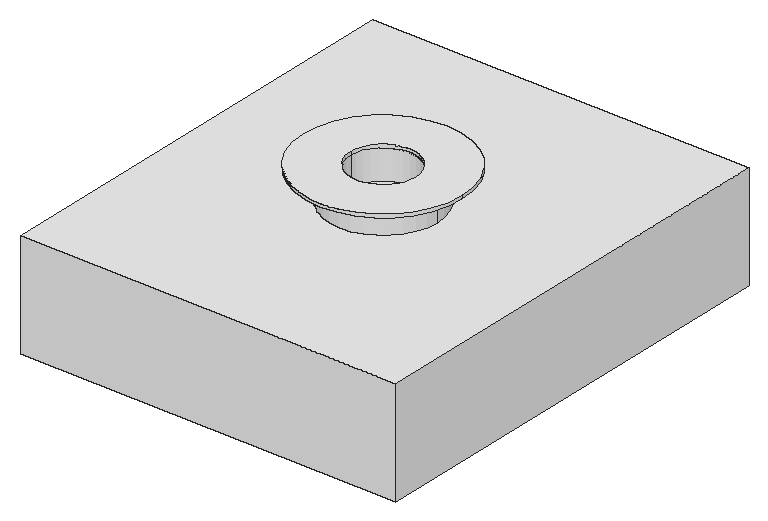
Revit family "Lighting-Recessed-Amerlux-EZRPD", category Lighting Fixtures, host Face, Revit 2015
Parameters (values of type "Trim")
  Width = 12 3/16"
  Wattage = 9.2903 W
  built-in parameter 1150110 = 1 (stored number, unit not read)
  Voltage = 0 V
  URL = "http://www.amerlux.com/"
  Trim Size = 4 3/8"
  Trim [instance] = yes
  built-in parameter 1114217 = 1 (stored number, unit not read)
  Tilt Angle = -90.00°
  built-in parameter 1150109 = 1 (stored number, unit not read)
  built-in parameter 1150134 = 3
  built-in parameter 1150113 = 1 (stored number, unit not read)
  Power Factor = 1
  Photometric Web File = "generic"
  Number of Poles = 1
  built-in parameter 1150142 = (empty or 0)
  Model Number = ""
  Model = "EZRPD"
  Manufacturer = "Amerlux"
  built-in parameter 1150105 = 109.82 (stored number, unit not read)
  Lumens = 1380 lm
  built-in parameter 1150115 = 1 (stored number, unit not read)
  built-in parameter 1150137 = (empty or 0)
  built-in parameter 1150139 = (empty or 0)
  Length = 14 1/2"
  built-in parameter 1150112 = 1 (stored number, unit not read)
  built-in parameter 1150114 = 1 (stored number, unit not read)
  Lamp = "LED"
  built-in parameter 1150132 = (empty or 0)
  built-in parameter 1150102 = (empty or 0)
  built-in parameter 1150107 = 3200 (stored number, unit not read)
  built-in parameter 1150138 = (empty or 0)
  built-in parameter 1150106 = 1.0982 (stored number, unit not read)
  Height = 3 3/4"
  Emit from Circle Diameter = Aperture Size  # 1 13/16"
  Emit Shape Visible in Rendering = no
  built-in parameter 1150104 = 13.8 (stored number, unit not read)
  Dimming Lamp Color Temperature Shift = <None>
  Dimming = ""
  Description = "Shallow Round Pinhole Downlight"
  Default Elevation = 48"
  Color Filter = 16777215
  built-in parameter 1114218 = 1 (stored number, unit not read)
  built-in parameter 1150133 = 10 (stored number, unit not read)
  Apparent Load = 0 VA
  Aperture Size = 1 13/16"
Types (3): name | Trim
  (no name) | yes
  Trim | yes
  Trimless | no
Reference planes (in)
  plane 1 "Center (Front/Back)": y = 0
  plane 2: z = 0
  plane 3 "Center (Left/Right)": x = 0
  plane 4: x = -7.25
  plane 5: x = 7.25
  plane 6: z = -3.75
  plane 7: y = 6.09375
  plane 8: y = -6.09375
Forms (in)
  Extrusion 1, solid, material "Housing"
    sketch origin (0, 0, 0) x (1, 0, 0) y (0, 1, 0)
      loop
        line (-5.16548, 6.09375) -> (-5.16548, -6.09375) -> (5.22568, -6.09375) -> (5.22568, 6.09375) -> (-5.16548, 6.09375)
    from -3.75 to -0.8255
  Extrusion 2, solid, material "Trim Finish", visible <- "Trim"
    sketch origin (0, 0, 0) x (1, 0, 0) y (0, 1, 0)
      loop
        circle (0, 0) r 2.1875
      loop
        circle (0, 0) r 0.90625
    from 0 to 0.08709
  Extrusion 3, solid, material "Housing"
    sketch origin (0, 0, 0) x (1, 0, 0) y (0, 1, 0)
      loop
        circle (0, 0) r 0.90625
      loop
        circle (0, 0) r 1.5
    from -0.8255 to 0
  Extrusion 4, void
    sketch origin (0, 0, 0) x (1, 0, 0) y (0, 1, 0)
      loop
        circle (0, 0) r 0.90625
    from -0.8255 to 0.08709
Cuts and joins
  Extrusion 4 cuts Extrusion 2
Dimensions and locks (in)
  "Height": plane 6 to host face
  "Length": plane 4 to plane 5
  equal spacing: plane 7, plane 1 "Center (Front/Back)", plane 8
  equal spacing: plane 4, plane 3 "Center (Left/Right)", plane 5
  "Width": plane 7 to plane 8
  "Aperture Size": diameter of Extrusion 2 sketch curve
  "Trim Size": diameter of Extrusion 2 sketch curve
  "Aperture Size": diameter of Extrusion 3 sketch curve
  "Aperture Size": diameter of Extrusion 4 sketch curve
  aligned and locked: plane 2 to host face
  aligned and locked: level to host face
  aligned and locked: Extrusion 1 to plane 6
  aligned and locked: Extrusion 1 to plane 8
  aligned and locked: Extrusion 3 to Extrusion 1
  aligned and locked: level to Extrusion 3
  aligned and locked: plane 7 to Extrusion 1
Automatic sketch dimensions
  host sketch curve to host sketch curve = 54.51167"
  host sketch curve to host sketch curve = 52.40009"
  plane 4 to Extrusion 1 sketch curve = 2.08452"
  Extrusion 1 sketch curve to plane 5 = 2.02432"
  Extrusion 1 sketch curve to plane 8 = 0"
  Extrusion 1 sketch curve to plane 7 = 0"
  Extrusion 2 sketch curve to Extrusion 2 sketch curve = 0"  (x2)
  plane 1 "Center (Front/Back)" to Extrusion 2 sketch curve = 0"
  Extrusion 2 sketch curve to plane 3 "Center (Left/Right)" = 0"
  Extrusion 3 sketch curve to Extrusion 3 sketch curve = 0"  (x2)
  plane 1 "Center (Front/Back)" to Extrusion 3 sketch curve = 0"
  Extrusion 3 sketch curve to plane 3 "Center (Left/Right)" = 0"
  plane 1 "Center (Front/Back)" to Extrusion 4 sketch curve = 0"
  Extrusion 4 sketch curve to plane 3 "Center (Left/Right)" = 0"
  radius of Extrusion 3 sketch curve = 1 1/2"
Connectors (in)
  electrical at (0.0301, 0, -3.75), driven by "Number of Poles", driven by "Voltage", driven by "Apparent Load", driven by "Power Factor"
    settings: on Extrusion 1, index 1, voltage 0 V, apparent load 0 VA, apparent load phase1 0 VA, apparent load phase2 0 VA, apparent load phase3 0 VA, power factor 1, load classification "Other", number of poles 1, system type 31, power factor state 1, is connector primary yes, connector utility no, sub classification motor no, connector description "Power"
